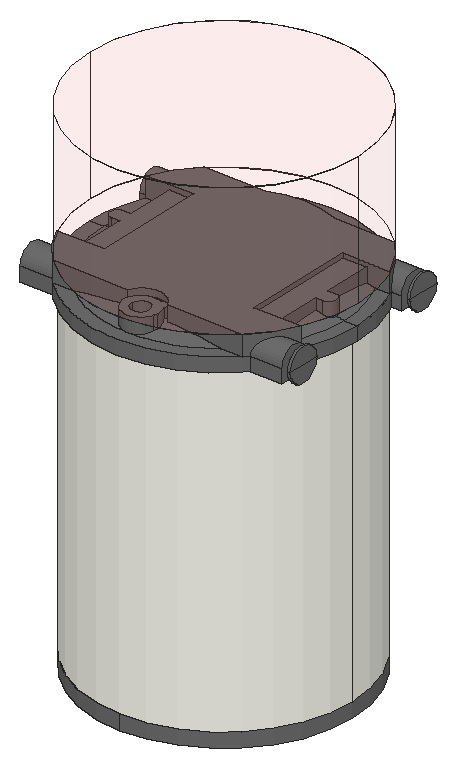
Revit family (continued)
Definition of nested family "Cooling_Plant_Accessories-Calmac-IceBank-Lid_C-75"
  Dimensions and locks (in)
    aligned and locked: curve 130 to Extrusion 5
    aligned and locked: curve 131 to Extrusion 5
    aligned and locked: curve 132 to Extrusion 5
    aligned and locked: curve 133 to Extrusion 5
    aligned and locked: curve 134 to Extrusion 5
    aligned and locked: curve 135 to Extrusion 5
    aligned and locked: curve 136 to Extrusion 5
    aligned and locked: curve 137 to Extrusion 5
    aligned and locked: curve 138 to cut or joined group of Revolve 1, Extrusion 2, Extrusion 4
    aligned and locked: curve 139 to cut or joined group of Revolve 1, Extrusion 2, Extrusion 4
    aligned and locked: curve 140 to curve 138
    aligned and locked: curve 141 to curve 139
    aligned and locked: curve 142 to curve 128
    aligned and locked: curve 143 to curve 127
    aligned and locked: curve 144 to cut or joined group of Revolve 1, Extrusion 2, Extrusion 4
    aligned and locked: curve 145 to cut or joined group of Revolve 1, Extrusion 2, Extrusion 4
    aligned and locked: curve 146 to cut or joined group of Revolve 1, Extrusion 2, Extrusion 4
    aligned and locked: curve 147 to cut or joined group of Revolve 1, Extrusion 2, Extrusion 4
    aligned and locked: curve 148 to cut or joined group of Revolve 1, Extrusion 2, Extrusion 4
    aligned and locked: curve 149 to cut or joined group of Revolve 1, Extrusion 2, Extrusion 4
    aligned and locked: curve 150 to cut or joined group of Revolve 1, Extrusion 2, Extrusion 4
    aligned and locked: cut or joined group of Revolve 1, Extrusion 2, Extrusion 4 to curve 151
    aligned and locked: curve 152 to cut or joined group of Revolve 1, Extrusion 2, Extrusion 4
    aligned and locked: curve 153 to cut or joined group of Revolve 1, Extrusion 2, Extrusion 4
    aligned and locked: curve 154 to cut or joined group of Revolve 1, Extrusion 2, Extrusion 4
    aligned and locked: curve 155 to cut or joined group of Revolve 1, Extrusion 2, Extrusion 4
    aligned and locked: curve 156 to cut or joined group of Revolve 1, Extrusion 2, Extrusion 4
    aligned and locked: curve 157 to cut or joined group of Revolve 1, Extrusion 2, Extrusion 4
    aligned and locked: curve 158 to cut or joined group of Revolve 1, Extrusion 2, Extrusion 4
    aligned and locked: cut or joined group of Revolve 1, Extrusion 2, Extrusion 4 to curve 159
    aligned and locked: curve 160 to cut or joined group of Revolve 1, Extrusion 2, Extrusion 4
    aligned and locked: curve 161 to cut or joined group of Revolve 1, Extrusion 2, Extrusion 4
    aligned and locked: curve 162 to cut or joined group of Revolve 1, Extrusion 2, Extrusion 4
    aligned and locked: cut or joined group of Revolve 1, Extrusion 2, Extrusion 4 to curve 163
    aligned and locked: curve 164 to cut or joined group of Revolve 1, Extrusion 2, Extrusion 4
    aligned and locked: cut or joined group of Revolve 1, Extrusion 2, Extrusion 4 to curve 165
    aligned and locked: curve 166 to cut or joined group of Revolve 1, Extrusion 2, Extrusion 4
    aligned and locked: cut or joined group of Revolve 1, Extrusion 2, Extrusion 4 to curve 167
    aligned and locked: curve 168 to cut or joined group of Revolve 1, Extrusion 2, Extrusion 4
    aligned and locked: curve 169 to cut or joined group of Revolve 1, Extrusion 2, Extrusion 4
    aligned and locked: curve 170 to cut or joined group of Revolve 1, Extrusion 2, Extrusion 4
    aligned and locked: curve 171 to cut or joined group of Revolve 1, Extrusion 2, Extrusion 4
    aligned and locked: curve 172 to cut or joined group of Revolve 1, Extrusion 2, Extrusion 4
    aligned and locked: curve 173 to cut or joined group of Revolve 1, Extrusion 2, Extrusion 4
    aligned and locked: curve 174 to cut or joined group of Revolve 1, Extrusion 2, Extrusion 4
    aligned and locked: curve 175 to cut or joined group of Revolve 1, Extrusion 2, Extrusion 4
    aligned and locked: cut or joined group of Revolve 1, Extrusion 2, Extrusion 4 to curve 176
    aligned and locked: cut or joined group of Revolve 1, Extrusion 2, Extrusion 4 to curve 177
    aligned and locked: cut or joined group of Revolve 1, Extrusion 2, Extrusion 4 to curve 178
    aligned and locked: cut or joined group of Revolve 1, Extrusion 2, Extrusion 4 to curve 179
    aligned and locked: cut or joined group of Revolve 1, Extrusion 2, Extrusion 4 to curve 180
    aligned and locked: cut or joined group of Revolve 1, Extrusion 2, Extrusion 4 to curve 181
    aligned and locked: cut or joined group of Revolve 1, Extrusion 2, Extrusion 4 to curve 182
    aligned and locked: cut or joined group of Revolve 1, Extrusion 2, Extrusion 4 to curve 183
    aligned and locked: Masking region 3 sketch curve to curve 140  (x2)
    aligned and locked: Masking region 3 sketch curve to curve 141
    aligned and locked: nested 1 to plane 6 "Back Connector Center"
    aligned: nested 1 to plane 45 "Connection Sleeve Right"
    aligned and locked: plane 16 "Fron Connector Center" to nested 2
    aligned: nested 2 to plane 45 "Connection Sleeve Right"
    aligned: nested 3 to plane 44 "Connection Sleeve Left"
    aligned and locked: nested 3 to plane 16 "Fron Connector Center"
    aligned: nested 4 to plane 44 "Connection Sleeve Left"
    aligned and locked: plane 6 "Back Connector Center" to nested 4
    aligned: plane 42 "Connector Center(Elevation)" to nested 4
    aligned: plane 42 "Connector Center(Elevation)" to nested 3
    aligned: plane 42 "Connector Center(Elevation)" to nested 1
    aligned: plane 42 "Connector Center(Elevation)" to nested 2
    aligned and locked: plane 34 "Right" to curve 184
    aligned and locked: plane 26 "Left" to curve 184
    aligned and locked: plane 1 "Center (Front/Back)" to curve 184
    aligned and locked: curve 163 to plane 41 "Top"
    aligned and locked: plane 4 "Back" to curve 185
    aligned and locked: plane 14 "Front" to curve 185
    aligned and locked: plane 3 "Center (Left/Right)" to curve 185
    aligned and locked: plane 41 "Top" to curve 183
    aligned and locked: plane 41 "Top" to curve 186
    aligned and locked: curve 186 to plane 3 "Center (Left/Right)"
    aligned and locked: plane 2 "Bottom" to curve 186
    aligned and locked: plane 1 "Center (Front/Back)" to curve 186
    aligned and locked: Masking region 3 sketch curve to plane 5 "Back Connector Back"
    aligned and locked: plane 45 "Connection Sleeve Right" to Masking region 3 sketch curve
    aligned and locked: Masking region 3 sketch curve to plane 45 "Connection Sleeve Right"
    aligned and locked: Extrusion 3 to Masking region 3 sketch curve
    aligned and locked: Masking region 3 sketch curve to plane 15 "Front Connection Front"  (x2)
    aligned and locked: plane 44 "Connection Sleeve Left" to Masking region 3 sketch curve
    aligned and locked: Masking region 3 sketch curve to plane 44 "Connection Sleeve Left"
    aligned and locked: plane 5 "Back Connector Back" to Masking region 3 sketch curve
    aligned: plane 3 "Center (Left/Right)" to nested 5
    aligned and locked: plane 1 "Center (Front/Back)" to nested 5
    aligned: plane 58 "T.O. Clearance Box" to nested 5  (x2)
    aligned: plane 41 "Top" to nested 5
    aligned and locked: nested 2 to plane 59 "Right Connector Face"
    aligned and locked: nested 1 to plane 59 "Right Connector Face"
    aligned and locked: nested 3 to plane 60 "Left Connector Face"
    aligned and locked: nested 4 to plane 60 "Left Connector Face"
    aligned and locked: plane 62 "Sleeve Right" to Extrusion 3
    aligned and locked: plane 61 "Sleeve Left" to Extrusion 3
    aligned and locked: Masking region 3 sketch curve to plane 61 "Sleeve Left"
    aligned and locked: plane 7 "Back Connector Front" to Masking region 3 sketch curve
    aligned and locked: Masking region 3 sketch curve to plane 17 "Front Connector Back"  (x2)
    aligned and locked: plane 61 "Sleeve Left" to Masking region 3 sketch curve
    aligned and locked: plane 62 "Sleeve Right" to Masking region 3 sketch curve
    aligned and locked: Masking region 3 sketch curve to plane 62 "Sleeve Right"
    aligned and locked: Masking region 3 sketch curve to plane 7 "Back Connector Front"
    aligned and locked: plane 42 "Connector Center(Elevation)" to curve 103
    aligned and locked: plane 54 "Right Tunnel Ref" to curve 104
    aligned and locked: curve 105 to plane 55 "Left Tunnel Ref"
    aligned and locked: plane 45 "Connection Sleeve Right" to curve 114
    aligned and locked: plane 41 "Top" to curve 176
    aligned and locked: plane 42 "Connector Center(Elevation)" to curve 176
    aligned and locked: plane 42 "Connector Center(Elevation)" to curve 158
    aligned and locked: plane 41 "Top" to curve 182
    aligned and locked: plane 42 "Connector Center(Elevation)" to curve 177
    aligned and locked: plane 41 "Top" to curve 177
    aligned and locked: plane 41 "Top" to curve 178
    aligned and locked: plane 42 "Connector Center(Elevation)" to curve 178
    aligned and locked: plane 42 "Connector Center(Elevation)" to curve 144
    aligned and locked: plane 41 "Top" to curve 180
    aligned and locked: plane 41 "Top" to curve 179
    aligned and locked: plane 42 "Connector Center(Elevation)" to curve 179
    aligned and locked: plane 41 "Top" to curve 181
    aligned and locked: plane 42 "Connector Center(Elevation)" to curve 181
    aligned and locked: nested 5 to plane 41 "Top"
    aligned and locked: plane 58 "T.O. Clearance Box" to nested 5
    aligned and locked: plane 42 "Connector Center(Elevation)" to nested 1
    aligned and locked: plane 42 "Connector Center(Elevation)" to nested 2
    aligned and locked: plane 42 "Connector Center(Elevation)" to nested 4
    aligned and locked: plane 42 "Connector Center(Elevation)" to nested 3
  Automatic sketch dimensions
    Extrusion 4 sketch curve to plane 9 "Rigging Back" = 0' - 0"
    plane 40 "Top Right" to Extrusion 2 sketch curve = 0' - 4.0663"
    plane 3 "Center (Left/Right)" to Extrusion 2 sketch curve = 0' - 0.00163"
    plane 24 "Pad Eye Front Center" to Extrusion 2 sketch curve = 0' - 0.19621"
    plane 10 "Rigging Loop Back" to Extrusion 2 sketch curve = 0' - 1.54805"
    Extrusion 2 sketch curve to Extrusion 2 sketch curve = 0' - 0"  (x2)
    plane 36 "Right Rigging Loop Right" to Extrusion 2 sketch curve = 0' - 4.88399"
    plane 24 "Pad Eye Front Center" to Extrusion 5 sketch curve = 0' - 0.02333"
    plane 24 "Pad Eye Front Center" to Extrusion 5 sketch curve = 0' - 0.02277"
    Extrusion 5 sketch curve to Extrusion 5 sketch curve = 0' - 0.36824"
    Extrusion 5 sketch curve to Extrusion 5 sketch curve = 0' - 0.36835"
    Extrusion 5 sketch curve to Extrusion 5 sketch curve = 0' - 0"  (x2)
    Masking region 3 sketch curve to Masking region 3 sketch curve = 0' - 0"  (x2)
    Masking region 3 sketch curve to plane 44 "Connection Sleeve Left" = 0' - 0"
    Masking region 3 sketch curve to Masking region 3 sketch curve = 0' - 0.43383"
    curve 112 to plane 43 "Connector Channel Top" = 0' - 0"
    curve 120 to level = 0' - 0"
    curve 113 to level = 0' - 0"
    curve 117 to level = 0' - 0"
    curve 114 to level = 0' - 0"
    curve 104 to plane 41 "Top" = 0' - 0"
    curve 109 to plane 41 "Top" = 0' - 0"
    curve 108 to plane 41 "Top" = 0' - 0"
    curve 105 to plane 41 "Top" = 0' - 0"
    curve 109 to curve 112 = 0' - 0.56869"
    plane 3 "Center (Left/Right)" to curve 115 = 0' - 0"
    curve 112 to curve 108 = 0' - 0.57194"
    plane 36 "Right Rigging Loop Right" to curve 116 = 0' - 0.0067"
    plane 42 "Connector Center(Elevation)" to curve 116 = 0' - 0.04774"
    curve 111 to curve 108 = 0' - 0.56061"
    plane 41 "Top" to curve 115 = 0' - 8.77139"
    curve 50 to plane 47 "Bolt Inset Right" = 0' - 0"
    curve 49 to plane 3 "Center (Left/Right)" = 0' - 0"
    curve 125 to plane 8 "Piping Back" = 0' - 0"
    plane 19 "Rigging Front" to curve 129 = 0' - 0"
    plane 4 "Back" to curve 50 = 0' - 0"
    plane 49 "Bolt Inset Center" to curve 49 = 0' - 0"
    plane 34 "Right" to curve 68 = 0' - 0.05975"
    plane 34 "Right" to curve 71 = 0' - 0.05975"
    plane 33 "Right Connection" to curve 69 = 0' - 0.05346"
    plane 33 "Right Connection" to curve 67 = 0' - 0.05346"
    plane 52 "Right Side Chanel" to curve 71 = 0' - 0.58177"
    plane 52 "Right Side Chanel" to curve 66 = 0' - 0.58177"
    plane 52 "Right Side Chanel" to curve 66 = 0' - 0.71351"
    plane 52 "Right Side Chanel" to curve 70 = 0' - 0.71351"
    plane 52 "Right Side Chanel" to curve 74 = 0' - 0.72576"
    plane 52 "Right Side Chanel" to curve 99 = 0' - 0.72576"
    plane 52 "Right Side Chanel" to curve 69 = 0' - 0.84524"
    plane 52 "Right Side Chanel" to curve 67 = 0' - 0.84524"
    curve 72 to plane 57 "Right Tunnel Ref Center" = 0' - 0.39515"
    curve 62 to plane 57 "Right Tunnel Ref Center" = 0' - 0.35589"
    plane 35 "Lid Inset Right" to curve 99 = 0' - 0.20973"
    plane 35 "Lid Inset Right" to curve 74 = 0' - 0.20973"
    curve 99 to curve 60 = 0' - 0.00797"
    plane 35 "Lid Inset Right" to curve 60 = 0' - 0.4131"
    plane 35 "Lid Inset Right" to curve 73 = 0' - 0.58321"
    curve 60 to curve 61 = 0' - 0.19232"
    plane 35 "Lid Inset Right" to curve 73 = 0' - 0.95668"
    curve 61 to plane 51 "Top Right Inset" = 0' - 0.97408"
    plane 21 "Top Front Edge" to curve 97 = 0' - 0.02024"
    plane 46 "Right Center" to curve 97 = 0' - 0.08642"
    plane 46 "Right Center" to curve 65 = 0' - 0.10857"
    plane 8 "Piping Back" to curve 64 = 0' - 0.58462"
    plane 46 "Right Center" to curve 64 = 0' - 1.33334"
    plane 18 "Piping Front" to curve 97 = 0' - 0.54429"
    plane 46 "Right Center" to curve 97 = 0' - 1.33764"
    plane 46 "Right Center" to curve 63 = 0' - 1.63906"
    curve 98 to plane 24 "Pad Eye Front Center" = 0' - 0.7003"
    plane 46 "Right Center" to curve 98 = 0' - 1.64225"
    curve 96 to plane 23 "Pad Eye Hole" = 0' - 0.03387"
    curve 96 to curve 96 = 0' - 0.77791"
    curve 64 to curve 64 = 0' - 0.79088"
    plane 21 "Top Front Edge" to curve 98 = 0' - 0 5/16"
    curve 64 to plane 39 "Right Rigging Left" = 0' - 0.70964"
    curve 93 to plane 22 "Front Inset" = 0' - 1.49486"
    curve 93 to plane 40 "Top Right" = 0' - 3.68687"
    plane 49 "Bolt Inset Center" to curve 53 = 0' - 0.44475"
    curve 53 to plane 40 "Top Right" = 0' - 3.66499"
    plane 22 "Front Inset" to curve 93 = 0' - 0.38295"
    curve 93 to curve 93 = 0' - 0.66239"
    plane 12 "Back Inset" to curve 53 = 0' - 0.51617"
    curve 53 to curve 53 = 0' - 0.66892"
    plane 22 "Front Inset" to curve 94 = 0' - 0.0503"
    curve 93 to curve 94 = 0' - 0.94305"
    plane 12 "Back Inset" to curve 52 = 0' - 0.18178"
    curve 53 to curve 52 = 0' - 0.94262"
    curve 95 to plane 40 "Top Right" = 0' - 1 205/256"
    curve 51 to plane 49 "Bolt Inset Center" = 0' - 0.21117"
    curve 51 to plane 40 "Top Right" = 0' - 1.7752"
    curve 94 to plane 22 "Front Inset" = 0' - 0.28236"
    curve 51 to plane 12 "Back Inset" = 0' - 0.1526"
    curve 165 to curve 132 = 0' - 1.92013"
    curve 126 to plane 18 "Piping Front" = 0' - 0.51914"  (x2)
    curve 164 to curve 163 = 0' - 0.30497"
    curve 173 to curve 125 = 0' - 1.35639"
    curve 55 to plane 12 "Back Inset" = 0' - 0.20247"
    curve 55 to plane 32 "Top Left" = 0' - 1.1267"
    curve 88 to plane 22 "Front Inset" = 0' - 0.28236"
    curve 88 to plane 32 "Top Left" = 0' - 1.13838"
    curve 56 to plane 49 "Bolt Inset Center" = 0' - 0.27827"
    curve 56 to plane 32 "Top Left" = 0' - 1.78316"
    curve 89 to plane 32 "Top Left" = 0' - 1.81788"
    plane 12 "Back Inset" to curve 55 = 0' - 0.12568"
    curve 55 to curve 55 = 0' - 0.9448"
    plane 22 "Front Inset" to curve 88 = 0' - 0.0503"
    curve 88 to curve 88 = 0' - 0.94305"
    plane 12 "Back Inset" to curve 54 = 0' - 0.45384"
    plane 22 "Front Inset" to curve 87 = 0' - 0.38295"
    plane 49 "Bolt Inset Center" to curve 54 = 0' - 0.39092"
    curve 54 to curve 54 = 0' - 0.65198"
    curve 87 to plane 22 "Front Inset" = 0' - 1.54109"
    curve 89 to curve 87 = 0' - 1.8853"
    curve 59 to plane 31 "Left Rigging Right" = 0' - 0.73306"
    plane 21 "Top Front Edge" to curve 85 = 0' - 0 5/16"
    curve 85 to plane 31 "Left Rigging Right" = 0' - 0.73601"
    curve 85 to plane 23 "Pad Eye Hole" = 0' - 0.03387"
    curve 85 to curve 85 = 0' - 0.77791"
    curve 58 to curve 58 = 0' - 0.80477"  (x2)
    curve 59 to plane 31 "Left Rigging Right" = 0' - 1.92107"
    curve 86 to plane 24 "Pad Eye Front Center" = 0' - 0.7403"
    curve 86 to plane 31 "Left Rigging Right" = 0' - 2 5/256"
    plane 18 "Piping Front" to curve 85 = 0' - 0.54429"
    plane 8 "Piping Back" to curve 58 = 0' - 0.67433"
    curve 58 to curve 57 = 0' - 1.17992"
    curve 84 to plane 21 "Top Front Edge" = 0' - 0.0179"
    curve 86 to curve 84 = 0' - 1.55432"
    plane 27 "Left Lip Inset" to curve 76 = 0' - 0.96143"
    curve 101 to plane 19 "Rigging Front" = 0' - 0.45769"
    plane 27 "Left Lip Inset" to curve 101 = 0' - 0.96143"
    curve 100 to curve 161 = 0' - 0.21853"
    plane 27 "Left Lip Inset" to curve 101 = 0' - 0.58796"
    plane 27 "Left Lip Inset" to curve 76 = 0' - 0.58796"
    plane 27 "Left Lip Inset" to curve 102 = 0' - 0.21448"
    plane 27 "Left Lip Inset" to curve 76 = 0' - 0.21448"
    curve 75 to plane 56 "Left Tunnel Ref Center" = 0' - 0.3904"
    curve 100 to plane 19 "Rigging Front" = 0' - 0.01575"
    curve 100 to plane 56 "Left Tunnel Ref Center" = 0' - 0.3904"
    plane 53 "Left Side Channel" to curve 83 = 0' - 0.84999"
    plane 53 "Left Side Channel" to curve 79 = 0' - 0.84999"
    plane 53 "Left Side Channel" to curve 77 = 0' - 0.73051"
    plane 53 "Left Side Channel" to curve 102 = 0' - 0.73051"
    plane 53 "Left Side Channel" to curve 79 = 0' - 0.71826"
    plane 53 "Left Side Channel" to curve 82 = 0' - 0.71826"
    plane 53 "Left Side Channel" to curve 80 = 0' - 0.58652"
    plane 53 "Left Side Channel" to curve 82 = 0' - 0.58652"
    plane 25 "Left Connection" to curve 78 = 0' - 0.05821"
    plane 25 "Left Connection" to curve 83 = 0' - 0.05821"
    plane 26 "Left" to curve 80 = 0' - 0.0645"
    plane 26 "Left" to curve 81 = 0' - 0.0645"
    plane 4 "Back" to curve 48 = 0' - 0.01364"
    curve 59 to curve 57 = 0' - 2.79764"
    curve 63 to curve 64 = 0' - 2.87284"
    curve 57 to curve 58 = 0' - 1.59891"
    curve 65 to curve 65 = 0' - 1.58211"
    plane 8 "Piping Back" to curve 58 = 0' - 1.86209"
    plane 8 "Piping Back" to curve 64 = 0' - 1.80912"
    curve 72 to plane 9 "Rigging Back" = 0' - 0.53489"
    curve 75 to plane 9 "Rigging Back" = 0' - 0.53489"
    curve 72 to plane 9 "Rigging Back" = 0' - 1.27856"
    curve 75 to plane 9 "Rigging Back" = 0' - 1.27856"
    curve 72 to curve 73 = 0' - 0.92764"
    curve 75 to curve 76 = 0' - 0.92764"
    curve 77 to curve 76 = 0' - 0.74367"
    curve 74 to curve 73 = 0' - 0.74367"
    plane 10 "Rigging Loop Back" to curve 69 = 0' - 3.7979"
    plane 10 "Rigging Loop Back" to curve 78 = 0' - 3.7979"
    curve 69 to curve 69 = 0' - 0.26232"
    curve 78 to curve 79 = 0' - 0.26232"
    curve 69 to curve 70 = 0' - 0.99128"
    curve 78 to curve 79 = 0' - 0.99128"
    plane 10 "Rigging Loop Back" to curve 71 = 0' - 1.81533"
    plane 10 "Rigging Loop Back" to curve 80 = 0' - 1.81533"
    plane 20 "Rigging Loop Front" to curve 68 = 0' - 1.55302"
    plane 20 "Rigging Loop Front" to curve 82 = 0' - 1.55302"
    plane 20 "Rigging Loop Front" to curve 81 = 0' - 1.81533"
    plane 20 "Rigging Loop Front" to curve 68 = 0' - 1.81533"
    curve 66 to curve 66 = 0' - 0.99128"
    curve 81 to curve 82 = 0' - 0.99128"
    curve 66 to curve 67 = 0' - 0.26232"
    curve 83 to curve 83 = 0' - 0.26232"
    curve 99 to plane 19 "Rigging Front" = 0' - 3.13384"
    curve 99 to curve 61 = 0' - 0.01104"
    curve 60 to curve 60 = 0' - 0.69763"
    curve 99 to curve 99 = 0' - 0.74367"
    curve 102 to curve 100 = 0' - 1.85528"
    curve 60 to curve 61 = 0' - 0.22433"
    curve 102 to plane 19 "Rigging Front" = 0' - 1.87103"
    curve 62 to plane 19 "Rigging Front" = 0' - 0.50327"
    plane 14 "Front" to curve 92 = 0' - 1.8675"
    plane 14 "Front" to curve 95 = 0' - 1.65483"
    plane 14 "Front" to curve 89 = 0' - 1.60633"
    curve 90 to plane 14 "Front" = 0' - 0.12249"
    curve 92 to plane 14 "Front" = 0' - 0.12494"
    curve 183 to plane 18 "Piping Front" = 0' - 0"
    curve 182 to plane 42 "Connector Center(Elevation)" = 0' - 0"
    curve 183 to plane 42 "Connector Center(Elevation)" = 0' - 0"
    curve 182 to plane 12 "Back Inset" = 0' - 6.98603"
    curve 177 to plane 18 "Piping Front" = 0' - 0"
    curve 176 to plane 8 "Piping Back" = 0' - 0"
    curve 180 to plane 9 "Rigging Back" = 0' - 0"
    curve 180 to plane 42 "Connector Center(Elevation)" = 0' - 0"
    plane 16 "Fron Connector Center" to curve 181 = 0' - 5 1/4"
    curve 179 to plane 19 "Rigging Front" = 0' - 0"
    curve 178 to plane 9 "Rigging Back" = 0' - 0"
    curve 20 to curve 26 = 0' - 0"  (x2)
    curve 20 to curve 30 = 0' - 0"  (x2)
    curve 20 to curve 33 = 0' - 0"  (x2)
    curve 20 to curve 34 = 0' - 0"  (x2)
    curve 20 to curve 44 = 0' - 0"  (x2)
    curve 20 to curve 45 = 0' - 0"  (x2)
    curve 20 to curve 46 = 0' - 0"  (x2)
    curve 20 to curve 47 = 0' - 0"  (x2)
    curve 20 to curve 140 = 0' - 0"  (x2)
    curve 20 to curve 142 = 0' - 0"  (x2)
    curve 20 to curve 143 = 0' - 0"
    curve 20 to curve 146 = 0' - 0"  (x2)
    curve 20 to curve 150 = 0' - 0"  (x2)
    curve 20 to curve 154 = 0' - 0"  (x2)
    curve 20 to curve 158 = 0' - 0"  (x2)
    curve 26 to plane 57 "Right Tunnel Ref Center" = 0' - 0"
    curve 29 to plane 57 "Right Tunnel Ref Center" = 0' - 0"
    curve 153 to plane 45 "Connection Sleeve Right" = 0' - 0"
    plane 1 "Center (Front/Back)" to curve 37 = 0' - 0"
    plane 20 "Rigging Loop Front" to curve 37 = 0' - 0"
    curve 155 to plane 8 "Piping Back" = 0' - 0"
    curve 155 to plane 38 "Right Rigging Loop Left" = 0' - 0"
    curve 36 to plane 38 "Right Rigging Loop Left" = 0' - 0"
    curve 32 to plane 38 "Right Rigging Loop Left" = 0' - 0"
    plane 18 "Piping Front" to curve 149 = 0' - 0"
    plane 18 "Piping Front" to curve 150 = 0' - 0"
    curve 154 to plane 8 "Piping Back" = 0' - 0"
    curve 151 to plane 39 "Right Rigging Left" = 0' - 0"
    curve 156 to plane 40 "Top Right" = 0' - 0"
    curve 156 to plane 3 "Center (Left/Right)" = 0' - 0"
    plane 18 "Piping Front" to curve 148 = 0' - 0"
    curve 19 to plane 8 "Piping Back" = 0' - 0"
    curve 22 to plane 31 "Left Rigging Right" = 0' - 0"
    curve 19 to plane 55 "Left Tunnel Ref" = 0' - 0"
    curve 158 to plane 8 "Piping Back" = 0' - 0"
    curve 147 to plane 55 "Left Tunnel Ref" = 0' - 0"
    curve 39 to plane 10 "Rigging Loop Back" = 0' - 0"
    curve 39 to plane 30 "Left Rigging Loop Right" = 0' - 0"
    curve 43 to plane 30 "Left Rigging Loop Right" = 0' - 0"
    plane 1 "Center (Front/Back)" to curve 41 = 0' - 0"
    plane 35 "Lid Inset Right" to curve 143 = 0' - 0.00039"
    curve 47 to plane 37 "Right Rigging Loop Inset" = 0' - 1.48966"
    curve 37 to plane 37 "Right Rigging Loop Inset" = 0' - 1.25367"
    plane 38 "Right Rigging Loop Left" to curve 149 = 0' - 0.01509"
    curve 34 to plane 39 "Right Rigging Left" = 0' - 1.24396"
    plane 40 "Top Right" to curve 148 = 0' - 4.0663"
    plane 3 "Center (Left/Right)" to curve 148 = 0' - 0.00163"
    curve 44 to plane 31 "Left Rigging Right" = 0' - 1.24396"
    plane 55 "Left Tunnel Ref" to curve 157 = 0' - 0.41423"
    curve 41 to plane 29 "Left Rigging Loop Inset" = 0' - 1.24992"
    curve 46 to plane 29 "Left Rigging Loop Inset" = 0' - 1.49441"
    plane 27 "Left Lip Inset" to curve 159 = 0' - 0.17459"
    plane 27 "Left Lip Inset" to curve 142 = 0' - 0.00039"
    plane 10 "Rigging Loop Back" to curve 156 = 0' - 1.54805"
    curve 142 to plane 1 "Center (Front/Back)" = 0' - 0.161"
    plane 24 "Pad Eye Front Center" to curve 148 = 0' - 0.19621"
    curve 6 to plane 20 "Rigging Loop Front" = 0' - 0"
    curve 5 to plane 12 "Back Inset" = 0' - 0"
    level to curve 16 = 0' - 0"
    level to curve 2 = 0' - 0"
    level to curve 15 = 0' - 0"
    level to curve 3 = 0' - 0"
    curve 7 to plane 41 "Top" = 0' - 0"
    curve 4 to plane 41 "Top" = 0' - 0"
    curve 12 to plane 41 "Top" = 0' - 0"
    curve 17 to plane 41 "Top" = 0' - 0"
    plane 22 "Front Inset" to curve 18 = 0' - 0.00227"
    curve 10 to curve 9 = 0' - 0.5091"
    curve 8 to curve 8 = 0' - 1.24396"
    curve 124 to plane 8 "Piping Back" = 0' - 0"
    curve 122 to plane 43 "Connector Channel Top" = 0' - 0"
    curve 123 to plane 1 "Center (Front/Back)" = 0' - 0.00127"
    plane 10 "Rigging Loop Back" to curve 123 = 0' - 0.00253"
    curve 124 to plane 8 "Piping Back" = 0' - 1.95677"
    curve 124 to plane 42 "Connector Center(Elevation)" = 0' - 1.1899"
    curve 124 to plane 42 "Connector Center(Elevation)" = 0' - 1.13321"
    curve 122 to plane 42 "Connector Center(Elevation)" = 0' - 0.88175"
    curve 123 to plane 41 "Top" = 0' - 0.04924"
  Nested families (in)
    nested 1: "Cooling_Plant_Accessories-Calmac-Icebank-4-Inch Flanged Connection" at (35.83203, 20.5, 3.75), Pipe Material <- "Pipe Material", visible <- "Is Back Right Flanged Connector Visible", type "Flanged Connection"
    nested 2: "Cooling_Plant_Accessories-Calmac-Icebank-4-Inch Flanged Connection" at (35.83203, -20.5, 3.75), Pipe Material <- "Pipe Material", visible <- "Is Front Right Flanged Connector Visible", type "Flanged Connection"
    nested 3: "Cooling_Plant_Accessories-Calmac-Icebank-4-Inch Flanged Connection" at (-35.83203, -20.5, 3.75) x (-1, 0, 0) z (0, 0, 1), Pipe Material <- "Pipe Material", visible <- "Is Front Left Flanged Connector Visible", type "Flanged Connection"
    nested 4: "Cooling_Plant_Accessories-Calmac-Icebank-4-Inch Flanged Connection" at (-35.83203, 20.5, 3.75) x (-1, 0, 0) z (0, 0, 1), Pipe Material <- "Pipe Material", visible <- "Is Back Left Flanged Connector Visible", type "Flanged Connection"
    nested 5: "Cooling_Plant_Accessories-Calmac-IceBankClearance Box" at (0.26977, 0, 15.25), CTRL Radius <- "CTRL Radius", visible <- "Is Clearance Box Visible", Height <- "Clearance Box Height", type "Include Clearance"
      with Width 6' - 1 3/8", Height 2' - 0", Depth 6' - 1 3/8", CTRL Radius 3' - 0 11/16"
  Definition of nested family "Cooling_Plant_Accessories-Calmac-Icebank-4-Inch Flanged Connection"
    Parameters (values of type "4"")
      Pipe Material [instance] = none
    Reference planes (in)
      plane 1 "Center (Front/Back)": y = 0
      plane 2 "Center (Elevation)": z = 0
      plane 3 "Center (Left/Right)": x = 0
      plane 4 "Back": y = 4.5
      plane 5 "Back Face": x = 1.79297
      plane 6 "Base Back": y = 2.25
      plane 7 "Fase Back": y = 3
      plane 8 "Front": y = -4.5
      plane 9 "Base Front": y = -2.25
      plane 10 "Face Front": y = -3
      plane 11 "Face": x = 2.41797
      plane 12 "T.O. Flange": z = 4.5
      plane 13 "T.O. Pipe": z = 2.25
      plane 14 "B.O. Flange": z = -4.5
      plane 15 "B.O. Pipe": z = -2.25
    Forms (in)
      Revolve 1, solid, material <- "Pipe Material", detail levels fine
        sketch origin (0, 0, 0) x (1, 0, 0) y (0, 1, 0)
          loop
            line (0, 2.25) -> (0, 0) -> (2.41797, 0) -> (2.41797, 4.5) -> (1.79297, 4.5) -> (1.79297, 2.25) -> (0, 2.25)
          axis (0, 0) -> (2.41797, 0)
        angle from 0 to 360
    Lines and regions (in)
      Masking region 1, detail levels fine
        outline origin (0, 0, 0) x (0, 1, 0) y (0, 0, 1)
          loop
            circle (0, 0) r 4.5
      Masking region 2, detail levels fine
        outline origin (0, 0, 0) x (1, 0, 0) y (0, 0, 1)
          loop
            line (2.41797, 4.5) -> (1.79297, 4.5) -> (1.79297, 2.25) -> (0, 2.25) -> (0, -2.25) -> (1.79297, -2.25) -> (1.79297, -4.5) -> (2.41797, -4.5) -> (2.41797, 4.5)
      Masking region 3, detail levels fine
        outline origin (0, 0, 0) x (1, 0, 0) y (0, 1, 0)
          loop
            line (0, 2.25) -> (0, -2.25) -> (1.79297, -2.25) -> (1.79297, -4.5) -> (2.41797, -4.5) -> (2.41797, 4.5) -> (1.79297, 4.5) -> (1.79297, 2.25) -> (0, 2.25)
      model lines, style "Piping", detail levels medium
        curve 1: line (0, 0, 0) -> (2.41797, 0, 0)
        curve 2: arc (2.41797, -4.5, 0) -> (2.41797, 0, 4.5) -> (2.41797, 4.5, 0) r 4.5
        curve 3: arc (2.41797, 4.5, 0) -> (2.41797, 0, -4.5) -> (2.41797, -4.5, 0) r 4.5
      symbolic lines, detail levels coarse+medium
        curve 4: line (0, 0, 0) -> (2.41797, 0, 0)
        curve 5: line (0, 0, 0) -> (2.41797, 0, 0)
    Dimensions and locks (in)
      locked: plane 4 "Back" to plane 7 "Fase Back" at 1.5
      locked: plane 4 "Back" to plane 6 "Base Back" at 2.25
      locked: plane 8 "Front" to plane 10 "Face Front" at 1.5
      locked: plane 8 "Front" to plane 9 "Base Front" at 2.25
      locked: plane 1 "Center (Front/Back)" to plane 6 "Base Back" at 2.25
      locked: plane 9 "Base Front" to plane 1 "Center (Front/Back)" at 2.25
      locked: plane 3 "Center (Left/Right)" to plane 11 "Face" at 2.41797
      locked: plane 5 "Back Face" to plane 11 "Face" at 0.625
      locked: plane 2 "Center (Elevation)" to plane 14 "B.O. Flange" at 4.5
      locked: plane 2 "Center (Elevation)" to plane 15 "B.O. Pipe" at 2.25
      locked: plane 12 "T.O. Flange" to plane 2 "Center (Elevation)" at 4.5
      locked: plane 12 "T.O. Flange" to plane 13 "T.O. Pipe" at 2.25
      aligned and locked: Revolve 1 sketch curve to plane 3 "Center (Left/Right)"
      aligned and locked: Revolve 1 sketch curve to plane 5 "Back Face"
      aligned and locked: Revolve 1 sketch curve to plane 11 "Face"
      aligned and locked: Revolve 1 sketch curve to plane 1 "Center (Front/Back)"
      aligned and locked: Revolve 1 sketch curve to plane 4 "Back"
      aligned and locked: Revolve 1 sketch curve to plane 6 "Base Back"
      aligned and locked: plane 1 "Center (Front/Back)" to Revolve 1 sketch curve  (x2)
      aligned and locked: plane 3 "Center (Left/Right)" to Revolve 1 sketch curve
      aligned and locked: Masking region 1 sketch curve to Revolve 1  (x2)
      aligned and locked: Masking region 2 sketch curve to Revolve 1  (x3)
      aligned and locked: Masking region 2 sketch curve to plane 5 "Back Face"
      aligned and locked: Masking region 2 sketch curve to plane 3 "Center (Left/Right)"
      aligned and locked: Masking region 3 sketch curve to plane 3 "Center (Left/Right)"
      aligned and locked: Masking region 3 sketch curve to plane 4 "Back"
      aligned and locked: Masking region 3 sketch curve to plane 6 "Base Back"
      aligned and locked: plane 9 "Base Front" to Masking region 3 sketch curve
      aligned and locked: plane 8 "Front" to Masking region 3 sketch curve
      aligned and locked: Masking region 3 sketch curve to plane 11 "Face"
      aligned and locked: Masking region 3 sketch curve to plane 5 "Back Face"  (x2)
      aligned and locked: plane 1 "Center (Front/Back)" to curve 1
      aligned and locked: plane 3 "Center (Left/Right)" to curve 1
      aligned and locked: curve 2 to Revolve 1
      aligned and locked: curve 3 to Revolve 1
      aligned and locked: plane 11 "Face" to curve 1
      aligned and locked: plane 11 "Face" to curve 4
      aligned and locked: plane 3 "Center (Left/Right)" to curve 4
      aligned and locked: plane 1 "Center (Front/Back)" to curve 4
      aligned and locked: plane 11 "Face" to curve 5
      aligned and locked: plane 3 "Center (Left/Right)" to curve 5
      aligned and locked: curve 5 to plane 2 "Center (Elevation)"
      aligned and locked: Masking region 2 to plane 12 "T.O. Flange"
      aligned and locked: plane 13 "T.O. Pipe" to Masking region 2
      aligned and locked: plane 2 "Center (Elevation)" to curve 1
      aligned and locked: plane 15 "B.O. Pipe" to Masking region 2
      aligned and locked: Masking region 2 to plane 14 "B.O. Flange"
  Definition of nested family "Cooling_Plant_Accessories-Calmac-IceBankClearance Box"
    Parameters (values of type "Include Clearance")
      Width [instance] = CTRL Radius * 2  # 7' - 5"
      Height [instance] = 3' - 0"
      Depth [instance] = Width  # 7' - 5"
      Clearance Material = Clearance
      CTRL Radius [instance] = 3' - 8 1/2"
      Assembly Code = ""
    Reference planes (in)
      plane 1 "Center (Front/Back)": y = 0
      plane 2 "Bottom": z = -6
      plane 3 "Center (Left/Right)": x = 0
      plane 4 "Top": z = 30
      plane 5 "Back": y = 44.5
      plane 6 "Left": x = -44.5
      plane 7 "Front": y = -44.5
      plane 8 "Right": x = 44.5
      plane 9 "Center (Elevation)": z = 12
    Forms (in)
      Extrusion 1, solid, material "Clearance" <- "Clearance Material"
        sketch origin (0, 0, 30) x (-1, 0, 0) y (0, -1, 0)
          loop
            circle (0, 0) r 44.5
        from -36 to 0
    Lines and regions (in)
      symbolic lines, style "Clearance"
        curve 1: line (-44.5, 0, 30) -> (44.5, 0, 30)
        curve 2: line (-44.5, 0, -6) -> (-44.5, 0, 30)
        curve 3: line (44.5, 0, -6) -> (-44.5, 0, -6)
        curve 4: line (44.5, 0, 30) -> (44.5, 0, -6)
        curve 5: line (0, -44.5, 30) -> (0, 44.5, 30)
        curve 6: line (0, -44.5, -6) -> (0, -44.5, 30)
        curve 7: line (0, 44.5, -6) -> (0, -44.5, -6)
        curve 8: line (0, 44.5, 30) -> (0, 44.5, -6)
        curve 9: circle (0, 0, 30) r 44.5 normal (0, 0, 1)
    Dimensions and locks (in)
      "Height": plane 4 "Top" to plane 2 "Bottom"
      "Depth": plane 5 "Back" to plane 7 "Front"
      "Width": plane 6 "Left" to plane 8 "Right"
      equal spacing: plane 6 "Left", plane 3 "Center (Left/Right)", plane 8 "Right"
      equal spacing: plane 5 "Back", plane 1 "Center (Front/Back)", plane 7 "Front"
      equal spacing: plane 4 "Top", plane 9 "Center (Elevation)", plane 2 "Bottom"
      "CTRL Radius": radius of Extrusion 1 sketch curve
      "CTRL Radius": radius of curve 9
      aligned: level to plane 2 "Bottom"
      aligned and locked: plane 3 "Center (Left/Right)" to Extrusion 1 sketch curve
      aligned and locked: plane 1 "Center (Front/Back)" to Extrusion 1 sketch curve
      aligned and locked: plane 3 "Center (Left/Right)" to curve 9
      aligned and locked: plane 1 "Center (Front/Back)" to curve 9
      aligned and locked: Extrusion 1 to plane 2 "Bottom"
      aligned and locked: plane 2 "Bottom" to curve 3
      aligned and locked: plane 2 "Bottom" to curve 7
      aligned and locked: plane 4 "Top" to Extrusion 1
      aligned and locked: curve 1 to plane 4 "Top"
      aligned and locked: curve 5 to plane 4 "Top"
      aligned and locked: curve 8 to plane 5 "Back"
      aligned and locked: curve 6 to plane 7 "Front"
      aligned and locked: curve 4 to plane 8 "Right"
      aligned and locked: curve 2 to plane 6 "Left"
